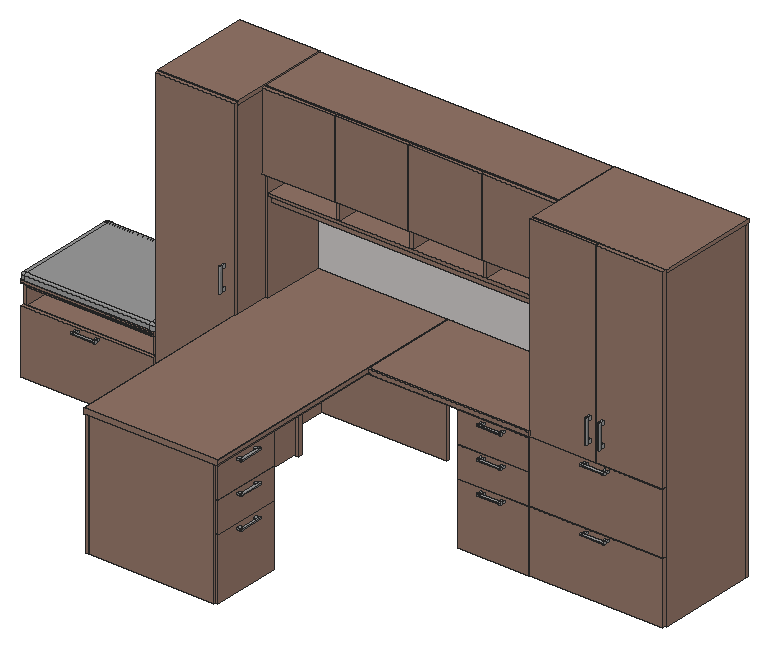
Revit family "JSI-Vision-Typical_Veneer-VSV103", category Furniture, Revit 2020 (continued)
Definition of nested family "JSI-Vision-Open_Shelf_File_Modular_Bench_Pedestal"
  Definition of nested family "Bar Pull"
    Forms (in)
      Extrusion 1, solid, material <- "Pull Finish"
        sketch origin (0, 0, 0) x (0, 1, 0) y (0, 0, 1)
          loop
            line (0, -0.2015) -> (0, 0.2015) -> (-0.85202, 0.2015)
            arc (-0.85202, 0.2015) -> (-0.75, 0) -> (-0.85202, -0.2015) r 0.25
            line (-0.85202, -0.2015) -> (0, -0.2015)
        from 1.88731 to 2.68731
      Extrusion 2, solid, material <- "Pull Finish"
        sketch origin (0, 0, 0) x (0, 1, 0) y (0, 0, 1)
          loop
            circle (-1, 0) r 0.25
        from -2.68731 to 2.68731
      Extrusion 3, solid, material <- "Pull Finish"
        sketch origin (0, 0, 0) x (0, 1, 0) y (0, 0, -1)
          loop
            line (0, 0.2015) -> (-0.85202, 0.2015)
            arc (-0.85202, 0.2015) -> (-0.75, 0) -> (-0.85202, -0.2015) r 0.25
            line (-0.85202, -0.2015) -> (0, -0.2015) -> (0, 0.2015)
        from 1.88731 to 2.68731
    Dimensions and locks (in)
      plane 4 to plane 5 to plane 3 "Center Left/Right" to plane 7 to plane 6 = 0.8" locked, 1.88731" locked, 1.88731" locked, 0.8" locked
      plane 8 to plane 9 to plane 1 "Center Front/Back" = 0.14798" locked, 0.85202" locked
      aligned and locked: level to plane 2
      aligned and locked: plane 4 to Extrusion 3
      aligned and locked: Extrusion 3 to plane 5
      aligned and locked: plane 4 to Extrusion 2
      aligned and locked: Extrusion 1 to plane 7
      aligned and locked: plane 6 to Extrusion 1
      aligned and locked: plane 6 to Extrusion 2
      aligned and locked: plane 8 to Extrusion 2 sketch curve
      aligned and locked: Extrusion 3 to plane 1 "Center Front/Back"
      aligned and locked: Extrusion 1 to plane 1 "Center Front/Back"
      aligned and locked: plane 5 to Extrusion 3
      aligned and locked: Extrusion 3 to plane 4
      aligned and locked: Extrusion 2 to plane 4
      aligned and locked: plane 7 to Extrusion 1
      aligned and locked: Extrusion 1 to plane 6
      aligned and locked: Extrusion 2 to plane 6
  Definition of nested family "Label 1-16"
    Parameters
      Width = 1"
      Model Name = "FF"
    Reference planes (in)
      plane 1: y = 0
      plane 2: x = 0
    Text (in)
      label "XX" at (0.00051, -0.12324, 0), shows "Model Name"
Definition of nested family "JSI-Vision-Bench_Height_Modular_Top"
  Parameters (values of type "Type Catalog")
    Worksurface = none
    Width = 42"
    URL = "www.jsifurniture.com"
    Type Comments = ""
    Series = "Vision Casegoods"  # constant formula
    Model = "Type Catalog"
    Material = ""
    Manufacturer = "JSI"  # constant formula
    Keynote = "12500"  # constant formula
    JSI Enviromental Website = "http://www.jsifurniture.com/jsi_sustainability_intro.php"
    Height = 3/4"  # constant formula
    Description = "Type Catalog"
    Depth = 30"
    Default Elevation = 0"
    Assembly Code = "E2020200"
  Reference planes (in)
    plane 1 "Center Front/Back": y = 0
    plane 2: z = 0
    plane 3 "Center Left/Right": x = 0
    plane 4: z = 0
    plane 5: x = 42
    plane 6: y = -30
    plane 7: z = 20.25
    plane 8: z = 19.5
  Forms (in)
    Extrusion 1, solid, material <- "Worksurface"
      sketch origin (0, 0, 28) x (0, 1, 0) y (0, 0, 1)
        loop
          line (-29.88189, -8.5) -> (0, -8.5) -> (0, -7.75) -> (-29.88189, -7.75)
          arc (-29.88189, -7.75) -> (-29.96541, -7.78459) -> (-30, -7.86811) r 0.11811
          line (-30, -7.86811) -> (-30, -8.38189)
          arc (-30, -8.38189) -> (-29.96541, -8.46541) -> (-29.88189, -8.5) r 0.11811
      from 0 to 42
  Lines and regions (in)
    symbolic lines
      curve 1: line (0, 0, 0) -> (42, 0, 0)
      curve 2: line (0, -30, 0) -> (0, 0, 0)
      curve 3: line (42, -30, 0) -> (0, -30, 0)
      curve 4: line (42, 0, 0) -> (42, -30, 0)
  Dimensions and locks (in)
    "Depth": plane 6 to plane 1 "Center Front/Back"
    "Width": plane 5 to plane 3 "Center Left/Right"
    "Height": plane 7 to plane 8
    locked: plane 8 to plane 4 at 19.5
    aligned and locked: level to plane 2
    aligned and locked: plane 5 to Extrusion 1
    aligned and locked: curve 1 to Extrusion 1
    aligned and locked: curve 2 to Extrusion 1
    aligned and locked: plane 6 to curve 3
    aligned and locked: curve 4 to plane 5
    aligned and locked: Extrusion 1 to plane 8
    aligned and locked: Extrusion 1 to plane 7
  Automatic sketch dimensions
    Extrusion 1 sketch curve to plane 6 = 0"
    level to Extrusion 1 sketch curve = 19 1/2"
    Extrusion 1 sketch curve to plane 7 = 0"
    Extrusion 1 sketch curve to plane 1 "Center Front/Back" = 0"
    Extrusion 1 sketch curve to Extrusion 1 sketch curve = 0.11811"
    plane 6 to Extrusion 1 sketch curve = 0.11811"
Definition of nested family "JSI-Vision-Modular_Full_Height_Back_Modular_Pedestal"
  Parameters (values of type "VSV1628MPBK, Modular Full Height Back Panel for Modular Pedestal- Veneer")
    Panel Finish = none
    Width = 16"
    URL = "www.jsifurniture.com"
    Type Comments = ""
    Series = "Vision Casegoods"  # constant formula
    Model = "VSV1628MPBK"
    Material = ""
    Manufacturer = "JSI"  # constant formula
    Keynote = "12500"  # constant formula
    JSI Enviromental Website = "http://www.jsifurniture.com/jsi_sustainability_intro.php"
    Height = 28"
    Description = "Modular Full Height Back Panel for Modular Pedestal- Veneer"
    Depth = 3/4"
    Default Elevation = 0"
    Assembly Code = "E2020200"
  Types (4): name | Width | Model | Description
    VST1628MPBK, Modular Full Height Back Panel for Modular Pedestal- Laminate | 16" | "VST1628MPBK" | "Modular Full Height Back Panel for Modular Pedestal- Laminate"
    VST3628MPBK, Modular Full Height Back Panel for Modular Pedestal- Laminate | 35 7/8" | "VST3628MPBK" | "Modular Full Height Back Panel for Modular Pedestal- Laminate"
    VSV1628MPBK, Modular Full Height Back Panel for Modular Pedestal- Veneer | 16" | "VSV1628MPBK" | "Modular Full Height Back Panel for Modular Pedestal- Veneer"
    VSV3628MPBK, Modular Full Height Back Panel for Modular Pedestal- Veneer | 35 7/8" | "VSV3628MPBK" | "Modular Full Height Back Panel for Modular Pedestal- Veneer"
  Reference planes (in)
    plane 1 "Center Front/Back": y = 0
    plane 2: z = 0
    plane 3 "Center Left/Right": x = 0
    plane 4: z = 28
    plane 5: x = 16
    plane 6: y = -0.75
  Forms (in)
    Extrusion 1, solid, material <- "Panel Finish"
      sketch origin (0, 0, 0) x (1, 0, 0) y (0, 1, 0)
        loop
          line (0, 0) -> (0, -0.75) -> (16, -0.75) -> (16, 0) -> (0, 0)
      from 0 to 28
  Lines and regions (in)
    symbolic lines
      curve 1: line (0, 0, 0) -> (16, 0, 0)
      curve 2: line (0, -0.75, 0) -> (0, 0, 0)
      curve 3: line (16, -0.75, 0) -> (0, -0.75, 0)
      curve 4: line (16, 0, 0) -> (16, -0.75, 0)
  Dimensions and locks (in)
    "Width": plane 3 "Center Left/Right" to plane 5
    "Depth": plane 1 "Center Front/Back" to plane 6
    "Height": plane 4 to plane 2
    aligned and locked: level to plane 2
    aligned and locked: plane 3 "Center Left/Right" to Extrusion 1 sketch curve
    aligned and locked: Extrusion 1 sketch curve to plane 5
    aligned and locked: plane 6 to Extrusion 1 sketch curve
    aligned and locked: plane 1 "Center Front/Back" to Extrusion 1 sketch curve
    aligned and locked: plane 4 to Extrusion 1
    aligned and locked: plane 3 "Center Left/Right" to curve 2
    aligned and locked: curve 4 to plane 5
    aligned and locked: plane 1 "Center Front/Back" to curve 1
    aligned and locked: plane 6 to curve 3
